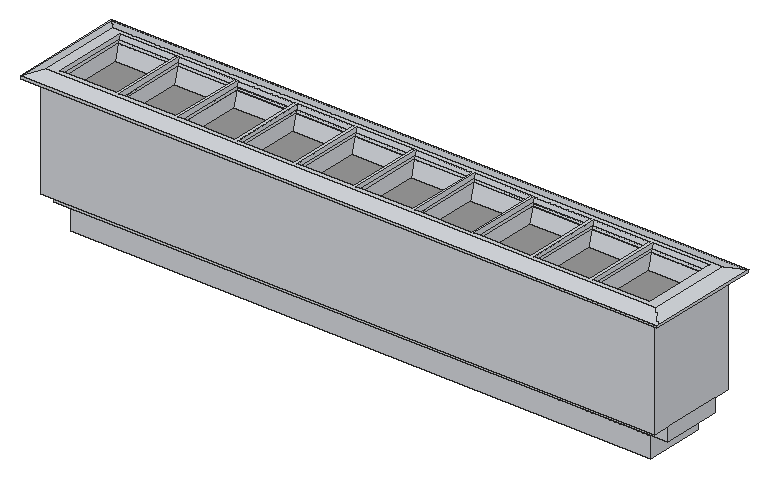
Revit family "2061170 Sylvania Lighting Fixture DOMINO 10xLED 930 BLACK NB TRIM WHITE", category Lighting Fixtures, host Face, Revit 2018
Family settings
  Host = Face
  Round Connector Dimension = Use Diameter
  Part Type = Normal
  OmniClass Number = 23.80.70.00
  OmniClass Title = Lighting
  Cut with Voids When Loaded = No
  Light Source = Yes
  Shared = No
  Room Calculation Point = No
Parameters (values of type "2061170 DOMINO 10XLED 930 BLACK NB TR WHT ")
  top top width = 15.812 mm
  top top length = 255 mm
  Width = 50 mm
  Weight = "n/a"
  Wattage Comments = ""
  Wattage = 9.2903 W
  WarrantyStartDate [instance] = "n/a"
  WarrantyGuarantorParts = "n/a"
  WarrantyDurationUnit = "n/a"
  WarrantyDurationParts = ""
  WarrantyDescription = "http://www.sylvania-lighting.com"
  built-in parameter 1150110 = 1 (stored number, unit not read)
  Voltage = 0 V
  URL = "0.95"
  TypeName = "DOMINO 10xLED 930 BLACK NB TRIM WHITE"
  Type Image = <None>
  Type Comments = "n/a"
  built-in parameter 1114217 = 1 (stored number, unit not read)
  Top Width = 26 mm
  Tilt Angle = 90.00°
  built-in parameter 1150109 = 1 (stored number, unit not read)
  built-in parameter 1150134 = 3
  built-in parameter 1150113 = 1 (stored number, unit not read)
  SerialNumber [instance] = "n/a"
  Recessed Width = 43 mm
  Recessed Length = 276 mm
  Photometric Web File = "2061170.ies"
  Material_3_FEILO = none
  PowerFactor = 0
  PowerConsumption = "Lighting"
  NominalLength = 50 mm
  NominalHeight = 0 mm
  NominalDepth = 0 mm
  Name = "DOMINO 10xLED 930 BLACK NB TRIM WHITE"
  ModelReference = Name  # "DOMINO 10xLED 930 BLACK NB TRIM WHITE"
  ModelNumber = "2061170"
  Model = Name  # "DOMINO 10xLED 930 BLACK NB TRIM WHITE"
  Material = "Feilo Sylvania"
  ManufacturerName = "69 lm/W"
  Manufacturer = ""
  LuminousEfficacy = ""
  built-in parameter 1150105 = 109.82 (stored number, unit not read)
  Lumens = 1380 lm
  LuminaireType = "0"
  built-in parameter 1150115 = 1 (stored number, unit not read)
  LightOutputRatio = "LED"
  built-in parameter 1150137 = (empty or 0)
  built-in parameter 1150139 = (empty or 0)
  Lens inside recess = 25 mm
  Lens Width = 32 mm
  Lens Outside recess = 31.978 mm
  Lens = Glass, White, High Luminance
  Length = 280 mm
  LampsType = Lamp  # "n/a"
  LampNominalLuminous = "3000 K"
  LampMacAdamStep = "90"
  LampColourTemperature = "LED"
  LampColourRenderingIndex = "16500"
  built-in parameter 1150112 = 1 (stored number, unit not read)
  built-in parameter 1150114 = 1 (stored number, unit not read)
  Lamp = "n/a"
  Keynote = "n/a"
  InstallationDate [instance] = "n/a"
  InputVoltage = "0"
  InputNominalFrequency = "3000"
  built-in parameter 1150132 = (empty or 0)
  built-in parameter 1150102 = (empty or 0)
  built-in parameter 1150107 = 3200 (stored number, unit not read)
  built-in parameter 1150138 = (empty or 0)
  IngressProtection = "IfcLightFixtureType"
  ImpactProtectionIndex = "IfcLightFixtureType"
  built-in parameter 1150106 = 1.0982 (stored number, unit not read)
  IfcExportType = "IfcLightFixtureType"
  IfcExportAs = "Class II"
  Facia internal width = 37 mm
  Facia internal length = 268 mm
  Facia Height = 2 mm
  ExpectedLife = 50000
  Emit from Circle Diameter = 609.6 mm
  Emit Shape Visible in Rendering = no
  ElectricShockClassification = "69"
  built-in parameter 1150104 = 13.8 (stored number, unit not read)
  DurationUnit = "hours"
  DocumentationLiterature = "http://www.sylvania-lighting.com/product/en-int/products/2061170"
  DimmingControlOptions = "n/a"
  Material_2_FEILO = none
  Dimming Lamp Color Temperature Shift = <None>
  Description = "Modular LED recessed linear spotlight, ideal for retail and hospitality applications. Die-cast aluminium body, passive cooling. Two levels of reflector installation, low glaring UGR<16. 10x LED source, 15° beam angle , optics: PMMA lens and polycarbonate reflector combination, Black matt reflector finish. Light color temperature: 3000K warm white, total system power: 23W , total fixture lumen output: 1575lm, efficacy: 69 lm/W, Ra90 typical, LED chromacity: 3 step MacAdam ellipse (SDCM3), lifespan: 96,000 hours at 90% of the original output (L90B10), IR/UV free light source without heat radiation, operating voltage: 220-240V / 50-60Hz, electronic driver, ultra low flicker, non-dimmable , electrical protection: Class II. Degree of Protection: IP40/IP20, suitable for indoor environment only. Ceiling cut-out: 43x43mm, outer dimensions:  280x50mm trim frame RAL 9016 - Traffic white / Bezel color.5 years Warranty."
  Default Elevation = 1219.2 mm
  CreatedOn = "11/02/2021"
  CreatedBy = "@sylvania-lighting.com"
  Cost = 0
  Color Filter = 16777215
  built-in parameter 1114216 [instance] = (empty or 0)
  ClassificationValue = "EF_70_80"
  ClassificationName = "Uniclass2015"
  Material_1_FEILO = none
  Body Width = 40 mm
  Body Length = 270 mm
  BarCode [instance] = "n/a"
  built-in parameter 1114218 = 1 (stored number, unit not read)
  built-in parameter 1150133 = 10 (stored number, unit not read)
  AssetType = "Fixed"
  AssetIdentifier [instance] = "n/a"
  Assembly Code = "D5020200"
  Apparent Load = 23 VA
  Material_4_FEILO = none
Reference planes
  plane 1 "Center (Front/Back)": y = 0
  plane 2: z = 0
  plane 3 "Center (Left/Right)": x = 0
  plane 4: z = 0
  plane 5: z = -7
  plane 6: z = -45.895
  plane 7: z = -51.895
  plane 8: z = -60.895
  plane 9: x = -138
  plane 10: x = 138
  plane 11: y = 21.5
  plane 12: y = -21.5
  plane 13: x = -140
  plane 14: x = 140
  plane 15: y = 25
  plane 16: y = -25
  plane 17: x = 134
  plane 18: x = -134
  plane 19: y = 18.5
  plane 20: y = -18.5
  plane 21: z = 2
  plane 22: x = -135
  plane 23: x = 135
  plane 24: y = 20
  plane 25: y = -20
  plane 26: y = 13
  plane 27: y = -13
  plane 28: x = 127.5
  plane 29: x = -127.5
  plane 30: x = -132
  plane 31: y = 16.5
  plane 32: y = -16.472
  plane 33: y = 13
  plane 34: y = -12.972
  plane 35: x = 129.7
  plane 36: x = 127.224
Forms (mm)
  Extrusion 1, solid, not visible, detail levels medium+fine
    sketch origin (4.2, 0, 0) x (1, 0, 0) y (0, 1, 0)
      loop
        line (-29.2, 34.5) -> (-29.2, -34.5) -> (20.8, -34.5) -> (20.8, 34.5) -> (-29.2, 34.5)
    from 0 to 1
  Extrusion 2, solid, not visible, detail levels medium+fine
    sketch origin (4.044, 0, 0) x (1, 0, 0) y (0, 1, 0)
      loop
        line (-29.2, 34.5) -> (-29.2, -34.5) -> (20.8, -34.5) -> (20.8, 34.5) -> (-29.2, 34.5)
    from 0 to 1
  Blend 3, solid, not visible, detail levels medium+fine
    base sketch origin (4.2, 0, 0) x (1, 0, 0) y (0, 1, 0)
      loop
        line (-29.2, 34.5) -> (-29.2, -34.5) -> (20.8, -34.5) -> (20.8, 34.5) -> (-29.2, 34.5)
    top sketch origin (4.2, 0, 0) x (1, 0, 0) y (0, 1, 0)
      loop
        line (-21.7, 28) -> (-21.7, -28) -> (13.3, -28) -> (13.3, 28) -> (-21.7, 28)
    from 1 to 3
  Extrusion 4, solid, not visible, detail levels medium+fine
    sketch origin (3.419, 0, 0) x (1, 0, 0) y (0, 1, 0)
      loop
        line (-29.2, 34.5) -> (-29.2, -34.5) -> (20.8, -34.5) -> (20.8, 34.5) -> (-29.2, 34.5)
    from 0 to 1
  Blend 5, solid, not visible, detail levels medium+fine
    base sketch origin (3.575, 0, 0) x (1, 0, 0) y (0, 1, 0)
      loop
        line (-29.2, 34.5) -> (-29.2, -34.5) -> (20.8, -34.5) -> (20.8, 34.5) -> (-29.2, 34.5)
    top sketch origin (3.575, 0, 0) x (1, 0, 0) y (0, 1, 0)
      loop
        line (-21.7, 28) -> (-21.7, -28) -> (13.3, -28) -> (13.3, 28) -> (-21.7, 28)
    from 1 to 3
  Extrusion 6, solid, not visible, detail levels medium+fine
    sketch origin (4.247, 0, 0) x (1, 0, 0) y (0, 1, 0)
      loop
        line (-29.2, 34.5) -> (-29.2, -34.5) -> (20.8, -34.5) -> (20.8, 34.5) -> (-29.2, 34.5)
    from 0 to 1
  Blend 7, solid, not visible, detail levels medium+fine
    base sketch origin (4.403, 0, 0) x (1, 0, 0) y (0, 1, 0)
      loop
        line (-29.2, 34.5) -> (-29.2, -34.5) -> (20.8, -34.5) -> (20.8, 34.5) -> (-29.2, 34.5)
    top sketch origin (4.403, 0, 0) x (1, 0, 0) y (0, 1, 0)
      loop
        line (-21.7, 28) -> (-21.7, -28) -> (13.3, -28) -> (13.3, 28) -> (-21.7, 28)
    from 1 to 3
  Extrusion 8, void, detail levels medium+fine
    sketch origin (4.2, 0, 0) x (0, 1, 0) y (1, 0, 0)
      loop
        line (21.5, -142.2) -> (21.5, 133.8) -> (-21.5, 133.8) -> (-21.5, -142.2) -> (21.5, -142.2)
    from -9.934 to 83.097
  Extrusion 9, solid, detail levels medium+fine
    sketch origin (4.2, 0, 0) x (1, 0, 0) y (0, 1, 0)
      loop
        line (-144.2, 25) -> (-144.2, -25) -> (135.8, -25) -> (135.8, 25) -> (-144.2, 25)
    from 0 to 1
  Extrusion 10, solid, detail levels medium+fine
    sketch origin (4.2, 0, 0) x (1, 0, 0) y (0, 1, 0)
      loop
        line (-139.2, 20) -> (-139.2, -20) -> (130.8, -20) -> (130.8, 20) -> (-139.2, 20)
    from 0 to -45.895
  Extrusion 11, solid, detail levels medium+fine
    sketch origin (4.2, 0, 0) x (1, 0, 0) y (0, 1, 0)
      loop
        line (-139.2, 13) -> (-139.2, -13) -> (130.8, -13) -> (130.8, 13) -> (-139.2, 13)
    from -51.895 to -45.895
  Extrusion 12, solid, material "Glass, White, High Luminance" <- "Lens", detail levels fine
    sketch origin (-53.155, 1221.106, 36.156) x (1, 0, 0) y (0, 1, 0)
      loop
        line (-76.18, -1206.856) -> (-76.18, -1232.856) -> (-52.18, -1232.856) -> (-52.18, -1206.856) -> (-76.18, -1206.856)
    from -43.156 to -42.182
  Blend 13, solid, detail levels medium+fine
    base sketch origin (4.2, 0, 0) x (1, 0, 0) y (0, 1, 0)
      loop
        line (-144.2, 25) -> (-144.2, -25) -> (135.8, -25) -> (135.8, 25) -> (-144.2, 25)
    top sketch origin (4.2, 0, 0) x (1, 0, 0) y (0, 1, 0)
      loop
        line (-138.2, 18.5) -> (-138.2, -18.5) -> (129.8, -18.5) -> (129.8, 18.5) -> (-138.2, 18.5)
    from 1 to 3
  Extrusion 14, solid, detail levels fine
    sketch origin (0, 0, 0) x (1, 0, 0) y (0, 0, 1)
      loop
        line (-127.5, -51.895) -> (-127.5, -60.895) -> (127.5, -60.895) -> (127.5, -51.895) -> (-127.5, -51.895)
    from -13 to 13
  Blend 15, void
    base sketch origin (-59.8, 0, 0) x (0, 1, 0) y (-1, 0, 0)
      loop
        line (16.5, 69.7) -> (-16.472, 69.7) -> (-16.472, 44.7) -> (16.5, 44.7) -> (16.5, 69.7)
    top sketch origin (-59.8, 0, 0) x (0, 1, 0) y (-1, 0, 0)
      loop
        line (13, 69.2) -> (-12.972, 69.2) -> (-12.972, 45.2) -> (13, 45.2) -> (13, 69.2)
    from 3 to -7
  Blend 16, void
    base sketch origin (18.282, 0, 0) x (0, 1, 0) y (-1, 0, 0)
      loop
        line (16.5, 69.7) -> (-16.472, 69.7) -> (-16.472, 44.7) -> (16.5, 44.7) -> (16.5, 69.7)
    top sketch origin (18.282, 0, 0) x (0, 1, 0) y (-1, 0, 0)
      loop
        line (13, 69.2) -> (-12.972, 69.2) -> (-12.972, 45.2) -> (13, 45.2) -> (13, 69.2)
    from 3 to -7
  Blend 17, void
    base sketch origin (44.284, -0.017, 0) x (0, 1, 0) y (-1, 0, 0)
      loop
        line (16.5, 69.7) -> (-16.472, 69.7) -> (-16.472, 44.7) -> (16.5, 44.7) -> (16.5, 69.7)
    top sketch origin (44.284, -0.017, 0) x (0, 1, 0) y (-1, 0, 0)
      loop
        line (13, 69.2) -> (-12.972, 69.2) -> (-12.972, 45.2) -> (13, 45.2) -> (13, 69.2)
    from 3 to -7
  Blend 18, void
    base sketch origin (70.327, 0, 0) x (0, 1, 0) y (-1, 0, 0)
      loop
        line (16.5, 69.7) -> (-16.472, 69.7) -> (-16.472, 44.7) -> (16.5, 44.7) -> (16.5, 69.7)
    top sketch origin (70.327, 0, 0) x (0, 1, 0) y (-1, 0, 0)
      loop
        line (13, 69.2) -> (-12.972, 69.2) -> (-12.972, 45.2) -> (13, 45.2) -> (13, 69.2)
    from 3 to -7
  Blend 19, void
    base sketch origin (96.351, 0, 0) x (0, 1, 0) y (-1, 0, 0)
      loop
        line (16.5, 69.7) -> (-16.472, 69.7) -> (-16.472, 44.7) -> (16.5, 44.7) -> (16.5, 69.7)
    top sketch origin (96.351, 0, 0) x (0, 1, 0) y (-1, 0, 0)
      loop
        line (13, 69.2) -> (-12.972, 69.2) -> (-12.972, 45.2) -> (13, 45.2) -> (13, 69.2)
    from 3 to -7
  Extrusion 20, solid, material "Glass, White, High Luminance" <- "Lens", detail levels fine
    sketch origin (-29.269, 1219.946, 36.156) x (1, 0, 0) y (0, 1, 0)
      loop
        line (-73.723, -1206.946) -> (-73.723, -1232.946) -> (-49.723, -1232.946) -> (-49.723, -1206.946) -> (-73.723, -1206.946)
    from -43.156 to -42.182
  Extrusion 21, solid, material "Glass, White, High Luminance" <- "Lens", detail levels fine
    sketch origin (-0.613, 1219.733, 36.156) x (1, 0, 0) y (0, 1, 0)
      loop
        line (-76.347, -1206.7) -> (-76.347, -1232.733) -> (-52.347, -1232.733) -> (-52.347, -1206.7) -> (-76.347, -1206.7)
    from -43.156 to -42.182
  Extrusion 22, solid, material "Glass, White, High Luminance" <- "Lens", detail levels fine
    sketch origin (24.387, 1218.509, 36.156) x (1, 0, 0) y (0, 1, 0)
      loop
        line (-75.305, -1205.509) -> (-75.305, -1231.509) -> (-51.305, -1231.509) -> (-51.305, -1205.509) -> (-75.305, -1205.509)
    from -43.156 to -42.182
  Extrusion 23, solid, material "Glass, White, High Luminance" <- "Lens", detail levels fine
    sketch origin (51.187, 1219.547, 36.156) x (1, 0, 0) y (0, 1, 0)
      loop
        line (-76.102, -1206.547) -> (-76.102, -1232.547) -> (-52.102, -1232.547) -> (-52.102, -1206.547) -> (-76.102, -1206.547)
    from -43.156 to -42.182
  Blend 24, void
    base sketch origin (-33.792, 0, 0) x (0, 1, 0) y (-1, 0, 0)
      loop
        line (16.5, 69.7) -> (-16.472, 69.7) -> (-16.472, 44.7) -> (16.5, 44.7) -> (16.5, 69.7)
    top sketch origin (-33.792, 0, 0) x (0, 1, 0) y (-1, 0, 0)
      loop
        line (13, 69.2) -> (-12.972, 69.2) -> (-12.972, 45.2) -> (13, 45.2) -> (13, 69.2)
    from 3 to -7
  Blend 25, void
    base sketch origin (-7.76, 0, 0) x (0, 1, 0) y (-1, 0, 0)
      loop
        line (16.5, 69.7) -> (-16.472, 69.7) -> (-16.472, 44.7) -> (16.5, 44.7) -> (16.5, 69.7)
    top sketch origin (-7.76, 0, 0) x (0, 1, 0) y (-1, 0, 0)
      loop
        line (13, 69.2) -> (-12.972, 69.2) -> (-12.972, 45.2) -> (13, 45.2) -> (13, 69.2)
    from 3 to -7
  Blend 26, void
    base sketch origin (122.411, 0, 0) x (0, 1, 0) y (-1, 0, 0)
      loop
        line (16.5, 69.7) -> (-16.472, 69.7) -> (-16.472, 44.7) -> (16.5, 44.7) -> (16.5, 69.7)
    top sketch origin (122.411, 0, 0) x (0, 1, 0) y (-1, 0, 0)
      loop
        line (13, 69.2) -> (-12.972, 69.2) -> (-12.972, 45.2) -> (13, 45.2) -> (13, 69.2)
    from 3 to -7
  Extrusion 27, solid, material "Glass, White, High Luminance" <- "Lens", detail levels fine
    sketch origin (77.265, 1219.547, 36.156) x (1, 0, 0) y (0, 1, 0)
      loop
        line (-76.102, -1206.547) -> (-76.102, -1232.547) -> (-52.102, -1232.547) -> (-52.102, -1206.547) -> (-76.102, -1206.547)
    from -43.156 to -42.182
  Extrusion 28, solid, material "Glass, White, High Luminance" <- "Lens", detail levels fine
    sketch origin (100.753, 1219.547, 36.156) x (1, 0, 0) y (0, 1, 0)
      loop
        line (-76.102, -1206.547) -> (-76.102, -1232.547) -> (-52.102, -1232.547) -> (-52.102, -1206.547) -> (-76.102, -1206.547)
    from -43.156 to -42.182
  Extrusion 29, solid, material "Glass, White, High Luminance" <- "Lens", detail levels fine
    sketch origin (129.314, 1219.547, 36.156) x (1, 0, 0) y (0, 1, 0)
      loop
        line (-76.102, -1206.547) -> (-76.102, -1232.547) -> (-52.102, -1232.547) -> (-52.102, -1206.547) -> (-76.102, -1206.547)
    from -43.156 to -42.182
  Blend 30, void
    base sketch origin (148.416, 0, 0) x (0, 1, 0) y (-1, 0, 0)
      loop
        line (16.5, 69.7) -> (-16.472, 69.7) -> (-16.472, 44.7) -> (16.5, 44.7) -> (16.5, 69.7)
    top sketch origin (148.416, 0, 0) x (0, 1, 0) y (-1, 0, 0)
      loop
        line (13, 69.2) -> (-12.972, 69.2) -> (-12.972, 45.2) -> (13, 45.2) -> (13, 69.2)
    from 3 to -7
  Extrusion 31, solid, material "Glass, White, High Luminance" <- "Lens", detail levels fine
    sketch origin (155.278, 1219.547, 36.156) x (1, 0, 0) y (0, 1, 0)
      loop
        line (-76.102, -1206.547) -> (-76.102, -1232.547) -> (-52.102, -1232.547) -> (-52.102, -1206.547) -> (-76.102, -1206.547)
    from -43.156 to -42.182
  Blend 32, void
    base sketch origin (174.42, 0, 0) x (0, 1, 0) y (-1, 0, 0)
      loop
        line (16.5, 69.7) -> (-16.472, 69.7) -> (-16.472, 44.7) -> (16.5, 44.7) -> (16.5, 69.7)
    top sketch origin (174.42, 0, 0) x (0, 1, 0) y (-1, 0, 0)
      loop
        line (13, 69.2) -> (-12.972, 69.2) -> (-12.972, 45.2) -> (13, 45.2) -> (13, 69.2)
    from 3 to -7
  Extrusion 33, solid, material "Glass, White, High Luminance" <- "Lens", detail levels fine
    sketch origin (181.434, 1219.547, 36.156) x (1, 0, 0) y (0, 1, 0)
      loop
        line (-76.214, -1206.547) -> (-76.214, -1232.547) -> (-52.214, -1232.547) -> (-52.214, -1206.547) -> (-76.214, -1206.547)
    from -43.156 to -42.182
  Extrusion 34, solid, detail levels coarse
    sketch origin (4.2, 0, 0) x (1, 0, 0) y (0, 1, 0)
      loop
        line (-144.2, 25) -> (-144.2, -25) -> (135.8, -25) -> (135.8, 25) -> (-144.2, 25)
    from -60.895 to 3
Cuts and joins
  Blend 15, Blend 16, Blend 17, Blend 18, Blend 19, Blend 24, Blend 25, Blend 26, Blend 30, Blend 32 cuts Extrusion 9
  Blend 15, Blend 16, Blend 17, Blend 18, Blend 19, Blend 24, Blend 25, Blend 26, Blend 30, Blend 32 cuts Extrusion 10
  Blend 15, Blend 16, Blend 17, Blend 18, Blend 19, Blend 24, Blend 25, Blend 26, Blend 30, Blend 32 cuts Blend 13
  Blend 32 cuts Extrusion 31
Dimensions and locks
  "Recessed Length": plane 9 to plane 10
  equal spacing: plane 9, plane 3 "Center (Left/Right)", plane 10
  "Length": plane 13 to plane 14
  equal spacing: plane 13, plane 3 "Center (Left/Right)", plane 14
  "Recessed Width": plane 11 to plane 12
  equal spacing: plane 11, plane 1 "Center (Front/Back)", plane 12
  "Width": plane 15 to plane 16
  equal spacing: plane 15, plane 1 "Center (Front/Back)", plane 16
  "Facia internal length": plane 18 to plane 17
  equal spacing: plane 18, plane 3 "Center (Left/Right)", plane 17
  "Facia internal width": plane 19 to plane 20
  equal spacing: plane 19, plane 1 "Center (Front/Back)", plane 20
  "Facia Height": plane 21 to host face
  "Body Length": plane 22 to plane 23
  equal spacing: plane 22, plane 3 "Center (Left/Right)", plane 23
  "Body Width": plane 24 to plane 25
  equal spacing: plane 24, plane 1 "Center (Front/Back)", plane 25
  "Top Width": plane 26 to plane 27
  equal spacing: plane 26, plane 1 "Center (Front/Back)", plane 27
  "top top length": plane 29 to plane 28
  equal spacing: plane 29, plane 3 "Center (Left/Right)", plane 28  (x2)
  plane 28 to plane 29 = 255 mm
  equal spacing: plane 28, plane 3 "Center (Left/Right)", plane 29
  aligned and locked: plane 2 to host face
  aligned and locked: level to host face
  aligned and locked: Extrusion 11 to plane 7
  aligned and locked: Extrusion 10 to plane 6
  aligned and locked: Extrusion 12 to plane 5
Automatic sketch dimensions
  Extrusion 1 sketch curve to Extrusion 1 sketch curve = 50 mm
  Extrusion 1 sketch curve to Extrusion 1 sketch curve = 69 mm
  Extrusion 2 sketch curve to Extrusion 2 sketch curve = 50 mm
  Extrusion 2 sketch curve to Extrusion 2 sketch curve = 69 mm
  Blend 3 sketch curve to Blend 3 sketch curve = 50 mm
  Blend 3 sketch curve to Blend 3 sketch curve = 69 mm
  Blend 3 sketch curve to Blend 3 sketch curve = 35 mm
  Blend 3 sketch curve to Blend 3 sketch curve = 56 mm
  Extrusion 4 sketch curve to Extrusion 4 sketch curve = 50 mm
  Extrusion 4 sketch curve to Extrusion 4 sketch curve = 69 mm
  Blend 5 sketch curve to Blend 5 sketch curve = 50 mm
  Blend 5 sketch curve to Blend 5 sketch curve = 69 mm
  Blend 5 sketch curve to Blend 5 sketch curve = 35 mm
  Blend 5 sketch curve to Blend 5 sketch curve = 56 mm
  Extrusion 6 sketch curve to Extrusion 6 sketch curve = 50 mm
  Extrusion 6 sketch curve to Extrusion 6 sketch curve = 69 mm
  Blend 7 sketch curve to Blend 7 sketch curve = 50 mm
  Blend 7 sketch curve to Blend 7 sketch curve = 69 mm
  Blend 7 sketch curve to Blend 7 sketch curve = 35 mm
  Blend 7 sketch curve to Blend 7 sketch curve = 56 mm
  host sketch curve to host sketch curve = 2438.4 mm  (x2)
  Extrusion 8 sketch curve to plane 9 = 0 mm
  Extrusion 8 sketch curve to plane 12 = 0 mm
  Extrusion 8 sketch curve to plane 11 = 0 mm
  Extrusion 8 sketch curve to plane 10 = 0 mm
  Extrusion 9 sketch curve to plane 13 = 0 mm
  Extrusion 9 sketch curve to plane 14 = 0 mm
  Extrusion 9 sketch curve to plane 16 = 0 mm
  Extrusion 9 sketch curve to plane 15 = 0 mm
  Extrusion 10 sketch curve to plane 22 = 0 mm
  Extrusion 10 sketch curve to plane 23 = 0 mm
  Extrusion 10 sketch curve to plane 25 = 0 mm
  Extrusion 10 sketch curve to plane 24 = 0 mm
  Extrusion 11 sketch curve to plane 22 = 0 mm
  Extrusion 11 sketch curve to plane 23 = 0 mm
  Extrusion 11 sketch curve to plane 27 = 0 mm
  plane 26 to Extrusion 11 sketch curve = 0 mm
  plane 27 to Extrusion 12 sketch curve = 1.25 mm
  plane 26 to Extrusion 12 sketch curve = 1.25 mm
  plane 30 to Extrusion 12 sketch curve = 2.665 mm
  Blend 13 sketch curve to plane 13 = 0 mm
  Blend 13 sketch curve to plane 14 = 0 mm
  Blend 13 sketch curve to plane 16 = 0 mm
  Blend 13 sketch curve to plane 15 = 0 mm
  Blend 13 sketch curve to plane 18 = 0 mm
  Blend 13 sketch curve to plane 17 = 0 mm
  Blend 13 sketch curve to plane 20 = 0 mm
  Blend 13 sketch curve to plane 19 = 0 mm
  Extrusion 14 sketch curve to plane 8 = 0 mm
  Extrusion 14 sketch curve to plane 29 = 0 mm
  Extrusion 14 sketch curve to plane 28 = 0 mm
  Extrusion 14 sketch curve to plane 7 = 0 mm
  plane 30 to Blend 15 sketch curve = 2.5 mm
  Blend 15 sketch curve to plane 32 = 0 mm
  Blend 15 sketch curve to plane 31 = 0 mm
  Blend 15 sketch curve to plane 34 = 0 mm
  Blend 15 sketch curve to plane 26 = 0 mm
  plane 30 to Blend 15 sketch curve = 3 mm
  Blend 16 sketch curve to plane 32 = 0 mm
  Blend 16 sketch curve to plane 31 = 0 mm
  Blend 16 sketch curve to plane 34 = 0 mm
  Blend 16 sketch curve to plane 26 = 0 mm
  Blend 17 sketch curve to plane 32 = 0.017 mm
  Blend 17 sketch curve to plane 31 = 0.017 mm
  plane 27 to Blend 17 sketch curve = 0.011 mm
  Blend 17 sketch curve to plane 26 = 0.017 mm
  plane 32 to Blend 18 sketch curve = 0 mm
  plane 31 to Blend 18 sketch curve = 0 mm
  plane 34 to Blend 18 sketch curve = 0 mm
  plane 26 to Blend 18 sketch curve = 0 mm
  Blend 19 sketch curve to plane 32 = 0 mm
  Blend 19 sketch curve to plane 31 = 0 mm
  Blend 19 sketch curve to plane 34 = 0 mm
  Blend 19 sketch curve to plane 26 = 0 mm
  Extrusion 20 sketch curve to plane 27 = 0 mm
  Extrusion 20 sketch curve to plane 26 = 0 mm
  Extrusion 21 sketch curve to plane 27 = 0 mm
  plane 26 to Extrusion 21 sketch curve = 0.033 mm
  Extrusion 22 sketch curve to plane 27 = 0 mm
  Extrusion 22 sketch curve to plane 26 = 0 mm
  Extrusion 23 sketch curve to plane 27 = 0 mm
  Extrusion 23 sketch curve to plane 26 = 0 mm
  Blend 24 sketch curve to plane 32 = 0 mm
  Blend 24 sketch curve to plane 31 = 0 mm
  Blend 24 sketch curve to plane 34 = 0 mm
  Blend 24 sketch curve to plane 26 = 0 mm
  Blend 25 sketch curve to plane 32 = 0 mm
  Blend 25 sketch curve to plane 31 = 0 mm
  Blend 25 sketch curve to plane 34 = 0 mm
  Blend 25 sketch curve to plane 26 = 0 mm
  Blend 26 sketch curve to plane 32 = 0 mm
  Blend 26 sketch curve to plane 31 = 0 mm
  Blend 26 sketch curve to plane 34 = 0 mm
  Blend 26 sketch curve to plane 26 = 0 mm
  Extrusion 27 sketch curve to plane 27 = 0 mm
  Extrusion 27 sketch curve to plane 26 = 0 mm
  Extrusion 28 sketch curve to plane 27 = 0 mm
  Extrusion 28 sketch curve to plane 26 = 0 mm
  Extrusion 29 sketch curve to plane 27 = 0 mm
  Extrusion 29 sketch curve to plane 26 = 0 mm
  Blend 30 sketch curve to plane 32 = 0 mm
  Blend 30 sketch curve to plane 31 = 0 mm
  Blend 30 sketch curve to plane 34 = 0 mm
  Blend 30 sketch curve to plane 26 = 0 mm
  Extrusion 31 sketch curve to plane 27 = 0 mm
  Extrusion 31 sketch curve to plane 26 = 0 mm
  Blend 32 sketch curve to plane 32 = 0 mm
  Blend 32 sketch curve to plane 31 = 0 mm
  plane 28 to Blend 32 sketch curve = 2.22 mm
  Blend 32 sketch curve to plane 34 = 0 mm
  Blend 32 sketch curve to plane 26 = 0 mm
  plane 28 to Blend 32 sketch curve = 1.72 mm
  plane 27 to Extrusion 33 sketch curve = 0 mm
  plane 26 to Extrusion 33 sketch curve = 0 mm
  plane 28 to Extrusion 33 sketch curve = 1.72 mm
  Extrusion 21 sketch curve to Extrusion 21 sketch curve = 24 mm
  Blend 25 sketch curve to Blend 25 sketch curve = 24 mm
  plane 29 to Extrusion 12 sketch curve = 22.165 mm
  plane 29 to Blend 15 sketch curve = 23 mm
  plane 29 to Blend 15 sketch curve = 22.5 mm
  plane 29 to Extrusion 20 sketch curve = 24.508 mm
  Extrusion 20 sketch curve to Extrusion 20 sketch curve = 24 mm
  plane 29 to Blend 24 sketch curve = 49.008 mm
  plane 29 to Blend 24 sketch curve = 24.008 mm
  plane 29 to Blend 24 sketch curve = 48.508 mm
  Blend 24 sketch curve to Blend 24 sketch curve = 24 mm
  Blend 25 sketch curve to Blend 25 sketch curve = 25 mm
  Blend 16 sketch curve to Blend 16 sketch curve = 25 mm
  Blend 16 sketch curve to Blend 16 sketch curve = 24 mm
  plane 29 to Extrusion 21 sketch curve = 50.54 mm
  Extrusion 22 sketch curve to Extrusion 22 sketch curve = 24 mm
  Blend 16 sketch curve to plane 3 "Center (Left/Right)" = 26.418 mm
  Blend 16 sketch curve to plane 3 "Center (Left/Right)" = 26.918 mm
  Blend 17 sketch curve to plane 3 "Center (Left/Right)" = 0.416 mm
  Blend 17 sketch curve to Blend 17 sketch curve = 25 mm
  Blend 17 sketch curve to plane 3 "Center (Left/Right)" = 0.916 mm
  Blend 17 sketch curve to Blend 17 sketch curve = 24 mm
  plane 3 "Center (Left/Right)" to Blend 18 sketch curve = 0.627 mm
  plane 3 "Center (Left/Right)" to Blend 18 sketch curve = 1.127 mm
  Extrusion 22 sketch curve to plane 3 "Center (Left/Right)" = 50.918 mm
  Extrusion 23 sketch curve to plane 3 "Center (Left/Right)" = 24.916 mm
  Extrusion 23 sketch curve to plane 3 "Center (Left/Right)" = 0.916 mm
  Blend 25 sketch curve to plane 3 "Center (Left/Right)" = 52.46 mm
  Blend 25 sketch curve to plane 3 "Center (Left/Right)" = 52.96 mm
  plane 3 "Center (Left/Right)" to Extrusion 27 sketch curve = 1.162 mm
  Blend 18 sketch curve to Blend 18 sketch curve = 25 mm
  Blend 18 sketch curve to Blend 18 sketch curve = 24 mm
  plane 3 "Center (Left/Right)" to Blend 19 sketch curve = 51.651 mm
  Blend 19 sketch curve to Blend 19 sketch curve = 25 mm
  plane 3 "Center (Left/Right)" to Blend 19 sketch curve = 51.151 mm
  Blend 19 sketch curve to Blend 19 sketch curve = 24 mm
  Blend 26 sketch curve to plane 36 = 49.513 mm
  Blend 26 sketch curve to Blend 26 sketch curve = 25 mm
  Blend 26 sketch curve to plane 36 = 50.013 mm
  Blend 26 sketch curve to Blend 26 sketch curve = 24 mm
  Extrusion 27 sketch curve to Extrusion 27 sketch curve = 24 mm
  plane 3 "Center (Left/Right)" to Extrusion 28 sketch curve = 24.651 mm
  Extrusion 28 sketch curve to Extrusion 28 sketch curve = 24 mm
  plane 3 "Center (Left/Right)" to Extrusion 29 sketch curve = 53.211 mm
  Extrusion 29 sketch curve to Extrusion 29 sketch curve = 24 mm
  Blend 30 sketch curve to plane 36 = 23.508 mm
  Blend 30 sketch curve to Blend 30 sketch curve = 25 mm
  Blend 30 sketch curve to plane 36 = 24.008 mm
  Blend 30 sketch curve to Blend 30 sketch curve = 24 mm
  Extrusion 31 sketch curve to plane 36 = 48.048 mm
  Extrusion 31 sketch curve to Extrusion 31 sketch curve = 24 mm
  Blend 32 sketch curve to plane 36 = 22.504 mm
  Blend 32 sketch curve to plane 36 = 22.004 mm
  Extrusion 33 sketch curve to plane 36 = 22.004 mm
  Extrusion 34 sketch curve to plane 13 = 0 mm
  Extrusion 34 sketch curve to plane 14 = 0 mm
  Extrusion 34 sketch curve to plane 16 = 0 mm
  Extrusion 34 sketch curve to plane 15 = 0 mm
Connectors
  electrical at (0, 0, -60.895)
    settings: on Extrusion 14, index 1, voltage 0 V, apparent load 0 VA, apparent load phase1 0 VA, apparent load phase2 0 VA, apparent load phase3 0 VA, power factor 1, load classification "Other", number of poles 1, system type 31, power factor state 1, is connector primary yes, connector utility no, sub classification motor no, connector description ""
